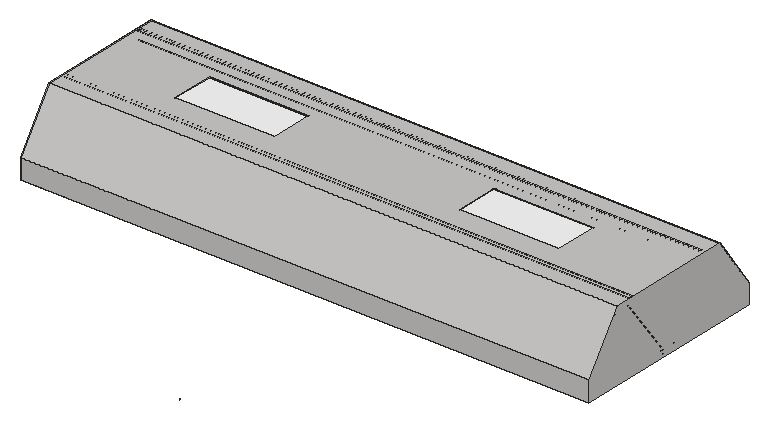
Revit family "QF_ELECTROLUXPROFESSIONAL_642352_BC1440DT", category Attrezzature speciali, Revit 2021
Family settings
  Quota connettore circolare = Usa diametro
  Tipo di parte = Normale
  Basato su piano di lavoro = No
  Sempre verticale = Sì
  Taglio con vuoti quando caricato = No
  Condiviso = No
  Punto di calcolo locali = No
Parameters (values of type "Standard")
  Weight = 125.00 kg
  Watts = 0 W
  Volts = 0 V
  URL Manufacturer = "https://www.electroluxprofessional.com/"
  URL = "https://www.electroluxprofessional.com/"
  Steam Supply Size = 0 mm
  Steam Supply Minimum Pressure = 0.0 Pa
  Steam Supply Maximum Pressure = 0.0 Pa
  Steam Consumption per Hour = 0
  Refrigeration Suction Line Size = 0 mm
  Refrigeration Liquid Line Size = 0 mm
  Refrigerant Compressor Remote = yes
  Prospetto di default = 0 mm
  Produttore = "Electrolux Professional"
  Phase = 0
  Modello = "BC1440DT"
  Length Actual = 4000 mm  # constant formula
  Item Number = "642352"
  Hot Water Size = 0 mm
  Height Actual = 500 mm  # constant formula
  HP = "0 HP"
  Gas Size = 0 mm
  Gas KW = 0
  Gas Input Pressure = 0 W
  Direct Waste Size = 0 mm
  Descrizione = "304 S/S ISLAND HOOD+FILTERS 4000X1400MM"
  Depth Actual = 1400 mm  # constant formula
  Cycle = 0 Hz
  Condensate Return Size = 0 mm
  Compressed Air Volume = 0.0 L/s
  Compressed Air Size = 0 mm
  Compressed Air Pressure = 0.0 Pa
  Cold Water Size = 0 mm
  Accessory = yes
Reference planes
  plane 1: z = 0
  plane 2 "Center (Left/Right)": x = 150
  plane 3 "LEFT": x = -1850
  plane 4 "RIGHT": x = 2150
  plane 5 "BACK": y = 550
  plane 6 "TOP": z = 2500
  plane 7 "Base": z = 2000
  plane 8: z = 1946
  plane 9: x = -1847
  plane 10 "DrainX": x = 1999
  plane 11 "AOLeft2": x = -500
  plane 12 "AORight1": x = 800
  plane 13: x = 2147
  plane 14: x = -1650
  plane 15: x = 1950
  plane 16: x = 50
  plane 17: x = 250
  plane 18 "AOLeft1": x = -1200
  plane 19 "AORight2": x = 1500
  plane 20: y = 0
  plane 21: y = -300
  plane 22 "Center (Front/Back)": y = -150
  plane 23: y = -850
  plane 24: through (0, -201.379, 2046.209) normal (0, 0.8019, 0.5974)
  plane 25: through (0, -98.621, 2046.209) normal (0, 0.8019, -0.5974)
  plane 26: z = 2140
Forms (mm)
  Extrusion 1, solid, material "QF_Finishes_Stainless Steel"
    sketch origin (-1850, 0, 360) x (0, 1, 0) y (0, 0, 1)
      loop
        line (550, 1640) -> (550, 1780) -> (299.446, 2140) -> (-599.446, 2140) -> (-850, 1780) -> (-850, 1640) -> (550, 1640)
    from 0 to 3
  Extrusion 2, solid, material "QF_Finishes_Stainless Steel"
    sketch origin (2150, 0, 360) x (0, 1, 0) y (0, 0, 1)
      loop
        line (550, 1640) -> (550, 1780) -> (299.446, 2140) -> (-599.446, 2140) -> (-850, 1780) -> (-850, 1640) -> (550, 1640)
    from 0 to -3
  Extrusion 3, solid, material "QF_Finishes_Stainless Steel"
    sketch origin (150, 0, 360) x (0, 1, 0) y (0, 0, 1)
      loop
        line (-599.446, 2140) -> (-850, 1780) -> (-850, 1640) -> (-840, 1640) -> (-840, 1640.8) -> (-849.2, 1640.8) -> (-849.2, 1779.739) -> (-599.025, 2139.19) -> (299.025, 2139.19) -> (549.2, 1779.739) -> (549.2, 1640.8) -> (540, 1640.8) -> (540, 1640) -> (550, 1640) -> (550, 1780) -> (299.446, 2140) -> (-599.446, 2140)
    from -2000 to 2000
  Extrusion 4, void
    sketch origin (0, 0, 2500) x (0, 1, 0) y (-1, 0, 0)
      loop
        line (0, 500) -> (0, 1200) -> (-300, 1200) -> (-300, 500) -> (0, 500)
    from 0 to -10
  Extrusion 5, solid, material "QF_Finishes_Stainless Steel"
    sketch origin (0, 0, 0) x (1, 0, 0) y (0, 1, 0)
      loop
        line (-1850, 550) -> (-1850, 549) -> (-1849, 549) -> (-1849, 550) -> (-1850, 550)
    from 0 to 1
  Extrusion 6, solid, material "QF_Finishes_Stainless Steel"
    sketch origin (150, -400, 360) x (0, 1, 0) y (0, 0, 1)
      loop
        line (-98.883, 2085.553) -> (198.621, 1686.209) -> (214.66, 1698.157) -> (-82.844, 2097.501) -> (-98.883, 2085.553)
      loop
        line (598.883, 2085.553) -> (582.844, 2097.501) -> (285.34, 1698.157) -> (301.379, 1686.209) -> (598.883, 2085.553)
    from -1800 to -1997
  Extrusion 7, solid, material "QF_Finishes_Stainless Steel"
    sketch origin (150, -400, 360) x (0, 1, 0) y (0, 0, 1)
      loop
        arc (316.056, 1704.554) -> (315.455, 1704.706) -> (314.923, 1704.389) r 0.81
        line (314.923, 1704.389) -> (300.465, 1684.991) -> (283.389, 1687.002) -> (286.391, 1712.615) -> (285.593, 1712.708) -> (282.594, 1687.095)
        arc (282.594, 1687.095) -> (282.763, 1686.499) -> (283.305, 1686.197) r 0.81
        line (283.305, 1686.197) -> (300.372, 1684.196)
        arc (300.372, 1684.196) -> (300.787, 1684.257) -> (301.116, 1684.517) r 0.81
        line (301.116, 1684.517) -> (315.564, 1703.911) -> (326.308, 1695.919) -> (300.145, 1660.79) -> (199.855, 1660.79) -> (173.692, 1695.919) -> (184.436, 1703.911) -> (198.884, 1684.517)
        arc (198.884, 1684.517) -> (199.213, 1684.257) -> (199.628, 1684.196) r 0.81
        line (199.628, 1684.196) -> (216.695, 1686.197)
        arc (216.695, 1686.197) -> (217.237, 1686.499) -> (217.406, 1687.095) r 0.81
        line (217.406, 1687.095) -> (214.407, 1712.708) -> (213.609, 1712.615) -> (216.611, 1687.002) -> (199.535, 1684.991) -> (185.077, 1704.389)
        arc (185.077, 1704.389) -> (184.545, 1704.706) -> (183.944, 1704.554) r 0.81
        line (183.944, 1704.554) -> (173.214, 1696.561)
        arc (173.214, 1696.561) -> (172.897, 1696.028) -> (173.049, 1695.427) r 0.81
        line (173.049, 1695.427) -> (199.157, 1660.381)
        arc (199.157, 1660.381) -> (199.5, 1660.093) -> (199.937, 1659.99) r 0.972
        line (199.937, 1659.99) -> (300.049, 1659.99)
        arc (300.049, 1659.99) -> (300.498, 1660.096) -> (300.851, 1660.393) r 1
        line (300.851, 1660.393) -> (326.951, 1695.427)
        arc (326.951, 1695.427) -> (327.103, 1696.028) -> (326.786, 1696.561) r 0.81
        line (326.786, 1696.561) -> (316.056, 1704.554)
      loop
        line (-92.735, 2139.19) -> (-92.735, 2129.205) -> (-117.587, 2110.686)
        arc (-117.587, 2110.686) -> (-117.904, 2110.153) -> (-117.752, 2109.552) r 0.81
        line (-117.752, 2109.552) -> (-84.894, 2065.446) -> (-95.625, 2057.438) -> (-95.147, 2056.796) -> (-84.418, 2064.79)
        arc (-84.418, 2064.79) -> (-84.1, 2065.322) -> (-84.252, 2065.923) r 0.81
        line (-84.252, 2065.923) -> (-117.117, 2110.038) -> (-91.935, 2128.798) -> (-91.935, 2138.4) -> (-62.776, 2138.4) -> (-62.776, 2070.563) -> (-61.976, 2069.49) -> (-61.976, 2139.19) -> (-92.735, 2139.19)
      loop
        line (592.735, 2139.19) -> (561.976, 2139.19) -> (561.976, 2069.49) -> (562.776, 2070.563) -> (562.776, 2138.4) -> (591.935, 2138.4) -> (591.935, 2128.798) -> (617.117, 2110.038) -> (584.252, 2065.923)
        arc (584.252, 2065.923) -> (584.1, 2065.322) -> (584.418, 2064.79) r 0.81
        line (584.418, 2064.79) -> (595.147, 2056.796) -> (595.625, 2057.438) -> (584.894, 2065.446) -> (617.752, 2109.552)
        arc (617.752, 2109.552) -> (617.904, 2110.153) -> (617.587, 2110.686) r 0.81
        line (617.587, 2110.686) -> (592.735, 2129.205) -> (592.735, 2139.19)
    from -1997 to 1997
  Extrusion 8, solid, material "QF_Finishes_Stainless Steel"
    sketch origin (150, -400, 360) x (0, 1, 0) y (0, 0, 1)
      loop
        line (-98.883, 2085.553) -> (198.621, 1686.209) -> (214.66, 1698.157) -> (-82.844, 2097.501) -> (-98.883, 2085.553)
      loop
        line (598.883, 2085.553) -> (582.844, 2097.501) -> (285.34, 1698.157) -> (301.379, 1686.209) -> (598.883, 2085.553)
    from 1997 to 1800
  Extrusion 9, solid, material "QF_Finishes_Stainless Steel"
    sketch origin (150, -400, 360) x (0, 1, 0) y (0, 0, 1)
      loop
        line (-98.883, 2085.553) -> (198.621, 1686.209) -> (214.66, 1698.157) -> (-82.844, 2097.501) -> (-98.883, 2085.553)
      loop
        line (598.883, 2085.553) -> (582.844, 2097.501) -> (285.34, 1698.157) -> (301.379, 1686.209) -> (598.883, 2085.553)
    from -100 to 100
  Extrusion 10, solid, material "QF_Finished_Chrome"
    sketch origin (150, -400, 360) x (0, 1, 0) y (0, 0, 1)
      loop
        line (-98.883, 2085.553) -> (198.621, 1686.209) -> (214.66, 1698.157) -> (-82.844, 2097.501) -> (-98.883, 2085.553)
      loop
        line (598.883, 2085.553) -> (582.844, 2097.501) -> (285.34, 1698.157) -> (301.379, 1686.209) -> (598.883, 2085.553)
    from -1800 to -100
  Extrusion 11, solid, material "QF_Finished_Chrome"
    sketch origin (150, -400, 360) x (0, 1, 0) y (0, 0, 1)
      loop
        line (-98.883, 2085.553) -> (198.621, 1686.209) -> (214.66, 1698.157) -> (-82.844, 2097.501) -> (-98.883, 2085.553)
      loop
        line (598.883, 2085.553) -> (582.844, 2097.501) -> (285.34, 1698.157) -> (301.379, 1686.209) -> (598.883, 2085.553)
    from 100 to 1800
  Sweep 12, solid, material "QF_Finishes_Stainless Steel"
    path origin (0, 0, 0) x (1, 0, 0) y (0, 1, 0)
      loop
        line (2150, 550) -> (-1850, 550) -> (-1850, -850) -> (2150, -850) -> (2150, 550)
    profile origin (2150, -150, 0) x (1, 0, 0) y (0, 0, 1)
      loop
        line (-3, 2000) -> (-3, 2000.8) -> (-19, 2000.8) -> (-19, 2010) -> (-20, 2010) -> (-20, 2000) -> (-3, 2000)
  Extrusion 13, void
    sketch origin (0, 0, 2500) x (0, 1, 0) y (-1, 0, 0)
      loop
        line (0, -1500) -> (0, -800) -> (-300, -800) -> (-300, -1500) -> (0, -1500)
    from 0 to -10
  Extrusion 14, solid, material "QF_Finishes_Stainless Steel"
    sketch origin (1999, 0, 0) x (0, 1, 0) y (0, 0, 1)
      loop
        arc (-118.5, 1946) -> (-111.429, 1948.929) -> (-108.5, 1956) r 10
        line (-108.5, 1956) -> (-108.5, 2000.8) -> (-191.5, 2000.8) -> (-191.5, 1956)
        arc (-191.5, 1956) -> (-188.571, 1948.929) -> (-181.5, 1946) r 10
        line (-181.5, 1946) -> (-118.5, 1946)
    from -90 to 90
  Extrusion 15, solid, material "QF_Finishes_Stainless Steel"
    sketch origin (0, -1100, 2000) x (0, 1, 0) y (-1, 0, 0)
      loop
        circle (950, -1999) r 6.35
    from -3.799 to 0
Cuts and joins
  Extrusion 4, Extrusion 13 cuts Extrusion 3
  joined: Extrusion 2, Extrusion 3, Sweep 12
Lines and regions (mm)
  symbolic lines, style "SpecialityEquipment", detail levels coarse
    curve 1: line (2150, 550, 2500) -> (-1850, 550, 2500)
    curve 2: line (-1850, 550, 2500) -> (-1850, -850, 2500)
    curve 3: line (2150, -850, 2500) -> (2150, 550, 2500)
    curve 4: line (-1850, 299.446, 0) -> (2150, -599.446, 0)
    curve 5: line (2150, 299.446, 0) -> (-1850.605, -599.446, 0)
  symbolic lines, detail levels coarse
    curve 6: line (-1200, -300, 0) -> (-500, -300, 0)
    curve 7: line (-1200, 0, 0) -> (-1200, -300, 0)
    curve 8: line (-500, 0, 0) -> (-1200, 0, 0)
    curve 9: line (-500, -300, 0) -> (-500, 0, 0)
    curve 10: line (800, 0, 0) -> (800, -300, 0)
    curve 11: line (1500, 0, 0) -> (800, 0, 0)
    curve 12: line (1500, -300, 0) -> (1500, 0, 0)
    curve 13: line (800, -300, 0) -> (1500, -300, 0)
    curve 14: line (-1850.605, -599.446, 0) -> (2150, -599.446, 0)
    curve 15: line (2150, 299.446, 0) -> (-1850, 299.446, 0)
    curve 16: line (-1850, -850, 0) -> (2150, -850, 0)
Dimensions and locks
  plane 3 "LEFT" to plane 4 "RIGHT" = 4000 mm
  equal spacing: plane 3 "LEFT", plane 2 "Center (Left/Right)", plane 4 "RIGHT"
  plane 3 "LEFT" to plane 9 = 3 mm
  plane 10 "DrainX" to plane 4 "RIGHT" = 151 mm
  plane 13 to plane 4 "RIGHT" = 3 mm
  plane 3 "LEFT" to plane 14 = 200 mm
  plane 15 to plane 4 "RIGHT" = 200 mm
  locked: plane 11 "AOLeft2" to plane 12 "AORight1" at 1300
  equal spacing: plane 11 "AOLeft2", plane 2 "Center (Left/Right)", plane 12 "AORight1"
  locked: plane 7 "Base" to level at 2000
  locked: plane 16 to plane 17 at 200
  equal spacing: plane 16, plane 2 "Center (Left/Right)", plane 17
  plane 18 "AOLeft1" to plane 11 "AOLeft2" = 700 mm
  plane 12 "AORight1" to plane 19 "AORight2" = 700 mm
  plane 7 "Base" to plane 8 = 54 mm
  locked: plane 6 "TOP" to plane 7 "Base" at 500
  plane 5 "BACK" to plane 23 = 1400 mm  (x2)
  equal spacing: plane 5 "BACK", plane 22 "Center (Front/Back)", plane 23
  plane 21 to plane 20 = 300 mm
  equal spacing: plane 21, plane 22 "Center (Front/Back)", plane 20
  plane 26 to plane 7 "Base" = 140 mm
  aligned and locked: level to plane 1
  aligned and locked: plane 4 "RIGHT" to Extrusion 3
  aligned and locked: Extrusion 3 to plane 3 "LEFT"
  aligned and locked: Extrusion 6 to plane 9
  aligned and locked: plane 14 to Extrusion 6
  aligned and locked: Extrusion 2 to plane 13
  aligned and locked: plane 13 to Extrusion 8
  aligned and locked: Extrusion 8 to plane 15
  aligned and locked: plane 17 to Extrusion 9
  aligned and locked: Extrusion 9 to plane 16
  aligned and locked: plane 16 to Extrusion 10
  aligned and locked: Extrusion 10 to plane 14
  aligned and locked: Extrusion 11 to plane 17
  aligned and locked: Extrusion 11 to plane 15
  aligned and locked: Extrusion 7 to plane 9
  aligned and locked: plane 13 to Extrusion 7
  aligned and locked: Extrusion 4 to plane 18 "AOLeft1"
  aligned and locked: Extrusion 4 to plane 11 "AOLeft2"
  aligned and locked: plane 12 "AORight1" to Extrusion 13
  aligned and locked: plane 19 "AORight2" to Extrusion 13
  aligned and locked: plane 21 to Extrusion 13
  aligned and locked: plane 21 to Extrusion 4
  aligned and locked: plane 20 to Extrusion 13
  aligned and locked: plane 20 to Extrusion 4
  aligned and locked: curve 6 to Extrusion 4
  aligned and locked: curve 7 to Extrusion 4
  aligned and locked: curve 8 to Extrusion 4
  aligned and locked: curve 9 to Extrusion 4
  aligned and locked: curve 10 to Extrusion 13
  aligned and locked: curve 11 to Extrusion 13
  aligned and locked: curve 12 to Extrusion 13
  aligned and locked: curve 13 to Extrusion 13
Automatic sketch dimensions
  Extrusion 4 sketch curve to plane 11 "AOLeft2" = 0 mm
  Extrusion 4 sketch curve to plane 18 "AOLeft1" = 0 mm
  Extrusion 5 sketch curve to plane 3 "LEFT" = 0 mm
  Extrusion 5 sketch curve to plane 5 "BACK" = 0 mm
  plane 3 "LEFT" to Extrusion 5 sketch curve = 1 mm
  Extrusion 5 sketch curve to Extrusion 5 sketch curve = 1 mm
  Sweep 12 sketch curve to plane 3 "LEFT" = 0 mm
  Sweep 12 sketch curve to plane 4 "RIGHT" = 0 mm
  Sweep 12 sketch curve to plane 5 "BACK" = 0 mm
  profile plane to Sweep 12 sketch curve = 20 mm
  Sweep 12 sketch curve to Sweep 12 sketch curve = 1 mm
  profile plane to Sweep 12 sketch curve = 3 mm
  level to Sweep 12 sketch curve = 2000 mm
  Sweep 12 sketch curve to Sweep 12 sketch curve = 0.8 mm
  Sweep 12 sketch curve to Sweep 12 sketch curve = 9.2 mm
  Extrusion 13 sketch curve to plane 11 "AOLeft2" = 2000 mm
  plane 18 "AOLeft1" to Extrusion 13 sketch curve = 2000 mm
  Extrusion 13 sketch curve to Extrusion 13 sketch curve = 300 mm
  Extrusion 13 sketch curve to plane 20 = 0 mm
  plane 21 to Sweep 12 sketch curve = 550 mm
  plane 21 to Extrusion 4 sketch curve = 0 mm
  Extrusion 4 sketch curve to plane 20 = 0 mm
  Extrusion 15 sketch curve to plane 10 "DrainX" = 0 mm
  Extrusion 15 sketch curve to plane 22 "Center (Front/Back)" = 0 mm
  Extrusion 14 sketch curve to plane 8 = 0 mm
  plane 8 to Extrusion 14 sketch curve = 10 mm
  Extrusion 14 sketch curve to plane 22 "Center (Front/Back)" = 41.5 mm
  plane 22 "Center (Front/Back)" to Extrusion 14 sketch curve = 31.5 mm
  plane 7 "Base" to Extrusion 14 sketch curve = 0.8 mm
  plane 22 "Center (Front/Back)" to Extrusion 14 sketch curve = 41.5 mm
  plane 21 to Extrusion 6 sketch curve = 198.883 mm
  Extrusion 6 sketch curve to plane 6 "TOP" = 42.499 mm  (x2)
  Extrusion 6 sketch curve to Extrusion 6 sketch curve = 16.039 mm  (x2)
  Extrusion 6 sketch curve to plane 22 "Center (Front/Back)" = 51.379 mm
  plane 22 "Center (Front/Back)" to Extrusion 6 sketch curve = 35.34 mm
  plane 20 to Extrusion 6 sketch curve = 182.844 mm
  Extrusion 6 sketch curve to Extrusion 6 sketch curve = 11.948 mm  (x2)
  Extrusion 7 sketch curve to plane 6 "TOP" = 30.448 mm  (x2)
  plane 21 to Extrusion 7 sketch curve = 217.752 mm
  Extrusion 7 sketch curve to plane 6 "TOP" = 29.314 mm  (x2)
  Extrusion 7 sketch curve to Extrusion 7 sketch curve = 0.166 mm  (x3)
  Extrusion 7 sketch curve to plane 6 "TOP" = 29.962 mm  (x2)
  Extrusion 7 sketch curve to Extrusion 7 sketch curve = 0.47 mm  (x2)
  Extrusion 7 sketch curve to Extrusion 7 sketch curve = 0.014 mm  (x2)
  Extrusion 7 sketch curve to plane 6 "TOP" = 82.562 mm  (x2)
  Extrusion 7 sketch curve to Extrusion 7 sketch curve = 22.127 mm
  Extrusion 7 sketch curve to plane 6 "TOP" = 83.204 mm  (x2)
  Extrusion 7 sketch curve to Extrusion 7 sketch curve = 0.478 mm  (x5)
  Extrusion 7 sketch curve to plane 6 "TOP" = 0.81 mm  (x2)
  Extrusion 7 sketch curve to Extrusion 7 sketch curve = 24.852 mm
  Extrusion 7 sketch curve to Extrusion 7 sketch curve = 0.8 mm  (x5)
  Extrusion 7 sketch curve to Extrusion 7 sketch curve = 10.724 mm
  Extrusion 7 sketch curve to plane 6 "TOP" = 74.554 mm  (x2)
  Extrusion 7 sketch curve to Extrusion 7 sketch curve = 0.008 mm  (x6)
  Extrusion 7 sketch curve to plane 6 "TOP" = 75.21 mm  (x2)
  Extrusion 7 sketch curve to plane 6 "TOP" = 74.077 mm  (x2)
  Extrusion 7 sketch curve to Extrusion 7 sketch curve = 0.642 mm  (x2)
  Extrusion 7 sketch curve to plane 6 "TOP" = 69.437 mm  (x2)
  Extrusion 7 sketch curve to Extrusion 7 sketch curve = 21.476 mm  (x2)
  Extrusion 7 sketch curve to plane 21 = 73.049 mm
  Extrusion 7 sketch curve to Extrusion 7 sketch curve = 0.006 mm  (x4)
  Extrusion 7 sketch curve to Extrusion 7 sketch curve = 10.73 mm  (x3)
  Extrusion 7 sketch curve to Extrusion 7 sketch curve = 0.484 mm  (x4)
  Extrusion 7 sketch curve to Extrusion 7 sketch curve = 0.641 mm  (x2)
  Extrusion 7 sketch curve to Extrusion 7 sketch curve = 14.448 mm
  plane 7 "Base" to Extrusion 7 sketch curve = 20.381 mm
  Extrusion 7 sketch curve to Extrusion 7 sketch curve = 0.273 mm
  Extrusion 7 sketch curve to Extrusion 7 sketch curve = 0.65 mm  (x2)
  Extrusion 7 sketch curve to Extrusion 7 sketch curve = 0.001 mm  (x4)
  Extrusion 7 sketch curve to Extrusion 7 sketch curve = 0.093 mm  (x2)
  plane 7 "Base" to Extrusion 7 sketch curve = 20.79 mm
  Extrusion 7 sketch curve to Extrusion 7 sketch curve = 0.698 mm
  Extrusion 7 sketch curve to Extrusion 7 sketch curve = 0.081 mm
  Extrusion 7 sketch curve to Extrusion 7 sketch curve = 28.531 mm
  Extrusion 7 sketch curve to Extrusion 7 sketch curve = 0.799 mm  (x2)
  Extrusion 7 sketch curve to Extrusion 7 sketch curve = 17.067 mm  (x2)
  Extrusion 7 sketch curve to Extrusion 7 sketch curve = 0.01 mm  (x4)
  Extrusion 7 sketch curve to Extrusion 7 sketch curve = 0.094 mm
  Extrusion 7 sketch curve to Extrusion 7 sketch curve = 0.795 mm  (x2)
  plane 22 "Center (Front/Back)" to Extrusion 7 sketch curve = 32.594 mm
  Extrusion 7 sketch curve to Extrusion 7 sketch curve = 0.71 mm
  Extrusion 7 sketch curve to Extrusion 7 sketch curve = 2.998 mm
  Extrusion 7 sketch curve to Extrusion 7 sketch curve = 16.745 mm
  Extrusion 7 sketch curve to Extrusion 7 sketch curve = 0.095 mm
  plane 7 "Base" to Extrusion 7 sketch curve = 20.393 mm
  Extrusion 7 sketch curve to Extrusion 7 sketch curve = 0.707 mm
  Extrusion 7 sketch curve to Extrusion 7 sketch curve = 0.651 mm
  Extrusion 7 sketch curve to Extrusion 7 sketch curve = 14.456 mm
  Extrusion 7 sketch curve to plane 6 "TOP" = 70.51 mm  (x2)
  plane 20 to Extrusion 7 sketch curve = 161.976 mm
  Extrusion 7 sketch curve to plane 6 "TOP" = 1.6 mm
  Extrusion 7 sketch curve to Extrusion 7 sketch curve = 29.159 mm
  Extrusion 7 sketch curve to Extrusion 7 sketch curve = 24.368 mm
  Extrusion 7 sketch curve to Extrusion 7 sketch curve = 0.636 mm
  Extrusion 7 sketch curve to Extrusion 7 sketch curve = 23.206 mm
  Extrusion 7 sketch curve to Extrusion 7 sketch curve = 23.234 mm
  Extrusion 7 sketch curve to Extrusion 7 sketch curve = 0.321 mm  (x2)
  Extrusion 7 sketch curve to Extrusion 7 sketch curve = 2.001 mm  (x2)
  Extrusion 7 sketch curve to Extrusion 7 sketch curve = 0.804 mm  (x2)
  Extrusion 7 sketch curve to Extrusion 7 sketch curve = 10.911 mm  (x2)
  Extrusion 7 sketch curve to Extrusion 7 sketch curve = 7.993 mm  (x2)
  Extrusion 7 sketch curve to Extrusion 7 sketch curve = 25.613 mm  (x2)
  Extrusion 7 sketch curve to Extrusion 7 sketch curve = 0.407 mm  (x2)
  Extrusion 7 sketch curve to Extrusion 7 sketch curve = 0.79 mm
  Extrusion 3 sketch curve to plane 7 "Base" = 0 mm  (x2)
  Extrusion 3 sketch curve to plane 23 = 0 mm
  Extrusion 3 sketch curve to plane 5 "BACK" = 0 mm
  plane 23 to Extrusion 3 sketch curve = 0.8 mm
  plane 7 "Base" to Extrusion 3 sketch curve = 0.8 mm  (x2)
  Extrusion 3 sketch curve to Extrusion 3 sketch curve = 9.2 mm
  plane 23 to Extrusion 3 sketch curve = 250.554 mm
  Extrusion 3 sketch curve to Extrusion 3 sketch curve = 0.421 mm  (x2)
  Extrusion 3 sketch curve to plane 6 "TOP" = 0.81 mm
  Extrusion 3 sketch curve to plane 5 "BACK" = 250.975 mm
  Extrusion 3 sketch curve to plane 5 "BACK" = 10 mm
  Extrusion 3 sketch curve to plane 5 "BACK" = 0.8 mm
  Extrusion 3 sketch curve to Extrusion 3 sketch curve = 138.939 mm  (x2)
  Extrusion 3 sketch curve to Extrusion 3 sketch curve = 0.261 mm  (x2)
  Extrusion 3 sketch curve to plane 6 "TOP" = 0 mm
  Extrusion 1 sketch curve to plane 7 "Base" = 0 mm
  Extrusion 1 sketch curve to plane 23 = 0 mm
  Extrusion 1 sketch curve to plane 6 "TOP" = 0 mm
  Extrusion 1 sketch curve to plane 5 "BACK" = 0 mm
  Extrusion 1 sketch curve to plane 5 "BACK" = 250.554 mm
  plane 7 "Base" to Extrusion 1 sketch curve = 140 mm
  Extrusion 1 sketch curve to Extrusion 1 sketch curve = 140 mm
  plane 23 to Extrusion 1 sketch curve = 250.554 mm
  plane 21 to Extrusion 10 sketch curve = 198.883 mm
  Extrusion 10 sketch curve to plane 6 "TOP" = 42.499 mm  (x2)
  Extrusion 10 sketch curve to Extrusion 10 sketch curve = 16.039 mm  (x2)
  Extrusion 10 sketch curve to plane 22 "Center (Front/Back)" = 51.379 mm
  plane 22 "Center (Front/Back)" to Extrusion 10 sketch curve = 35.34 mm
  plane 20 to Extrusion 10 sketch curve = 182.844 mm
  Extrusion 10 sketch curve to Extrusion 10 sketch curve = 11.948 mm  (x2)
  plane 21 to Extrusion 9 sketch curve = 198.883 mm
  Extrusion 9 sketch curve to plane 6 "TOP" = 42.499 mm  (x2)
  Extrusion 9 sketch curve to Extrusion 9 sketch curve = 16.039 mm  (x2)
  Extrusion 9 sketch curve to plane 22 "Center (Front/Back)" = 51.379 mm
  plane 22 "Center (Front/Back)" to Extrusion 9 sketch curve = 35.34 mm
  plane 20 to Extrusion 9 sketch curve = 182.844 mm
  Extrusion 9 sketch curve to Extrusion 9 sketch curve = 11.948 mm  (x2)
  plane 21 to Extrusion 11 sketch curve = 198.883 mm
  Extrusion 11 sketch curve to plane 6 "TOP" = 42.499 mm  (x2)
  Extrusion 11 sketch curve to Extrusion 11 sketch curve = 16.039 mm  (x2)
  Extrusion 11 sketch curve to plane 22 "Center (Front/Back)" = 51.379 mm
  plane 22 "Center (Front/Back)" to Extrusion 11 sketch curve = 35.34 mm
  plane 20 to Extrusion 11 sketch curve = 182.844 mm
  Extrusion 11 sketch curve to Extrusion 11 sketch curve = 11.948 mm  (x2)
  plane 21 to Extrusion 8 sketch curve = 198.883 mm
  Extrusion 8 sketch curve to plane 6 "TOP" = 42.499 mm  (x2)
  Extrusion 8 sketch curve to Extrusion 8 sketch curve = 16.039 mm  (x2)
  Extrusion 8 sketch curve to plane 22 "Center (Front/Back)" = 51.379 mm
  plane 22 "Center (Front/Back)" to Extrusion 8 sketch curve = 35.34 mm
  plane 20 to Extrusion 8 sketch curve = 182.844 mm
  Extrusion 8 sketch curve to Extrusion 8 sketch curve = 11.948 mm  (x2)
  Extrusion 2 sketch curve to plane 7 "Base" = 0 mm
  Extrusion 2 sketch curve to plane 23 = 0 mm
  Extrusion 2 sketch curve to plane 6 "TOP" = 0 mm
  Extrusion 2 sketch curve to plane 5 "BACK" = 0 mm
  Extrusion 2 sketch curve to plane 26 = 0 mm  (x2)
  Extrusion 2 sketch curve to plane 5 "BACK" = 250.554 mm
  plane 23 to Extrusion 2 sketch curve = 250.554 mm
  curve 2 to plane 3 "LEFT" = 0 mm
  curve 2 to plane 23 = 0 mm
  curve 3 to plane 4 "RIGHT" = 0 mm
  curve 3 to plane 23 = 0 mm
  curve 2 to plane 5 "BACK" = 0 mm
  curve 15 to plane 3 "LEFT" = 0 mm
  curve 16 to plane 3 "LEFT" = 0 mm
  curve 14 to plane 4 "RIGHT" = 0 mm
  curve 15 to plane 4 "RIGHT" = 0 mm
  curve 16 to plane 4 "RIGHT" = 0 mm
  curve 16 to plane 23 = 0 mm
  curve 14 to plane 3 "LEFT" = 0.605 mm
  plane 23 to curve 4 = 250.554 mm
  curve 15 to plane 5 "BACK" = 250.554 mm
  radius of Extrusion 15 sketch curve = 6.35 mm
Connectors
  hvac at (-850, -150, 2500)
    settings: on Extrusion 4, index 2, duct flow 0.0 L/s, flow factor 0, pres drop 0.0 Pa, loss coef 0, conn angle 0.00°, conn width 300 mm, conn height 700 mm, conn diameter 609.6 mm, duct sys type 3, conn prof type 1, flow config 1, flow direction 2, loss method 0, conn ref index -1, conn util no, is conn primary yes, conn desc "EXHAUST OUTLET"
  hvac at (1150, -150, 2500)
    settings: on Extrusion 13, index 3, duct flow 0.0 L/s, flow factor 0, pres drop 0.0 Pa, loss coef 0, conn angle 0.00°, conn width 300 mm, conn height 700 mm, conn diameter 609.6 mm, duct sys type 3, conn prof type 1, flow config 1, flow direction 2, loss method 0, conn ref index -1, conn util no, is conn primary no, conn desc "EXHAUST OUTLET"
  piping at (1999, -150, 1996.201), diameter 12.7
    settings: on Extrusion 15, index 4, connector inside diameter 609.6 mm, connector length 0 mm, flow factor 0, pipe flow 0.0 L/s, pressure drop 0.0 Pa, fitting loss kfactor 0, connector angle 0.00°, fixture units 0, engagement length 0 mm, angle of deflection 0.00°, flow configuration 1, flow direction 2, fitting loss method 0, system type 16, joint type 0, gender type 0, connector reference index -1, connector utility 0, adjustable connector no, is connector primary yes, connector description "Drain"
